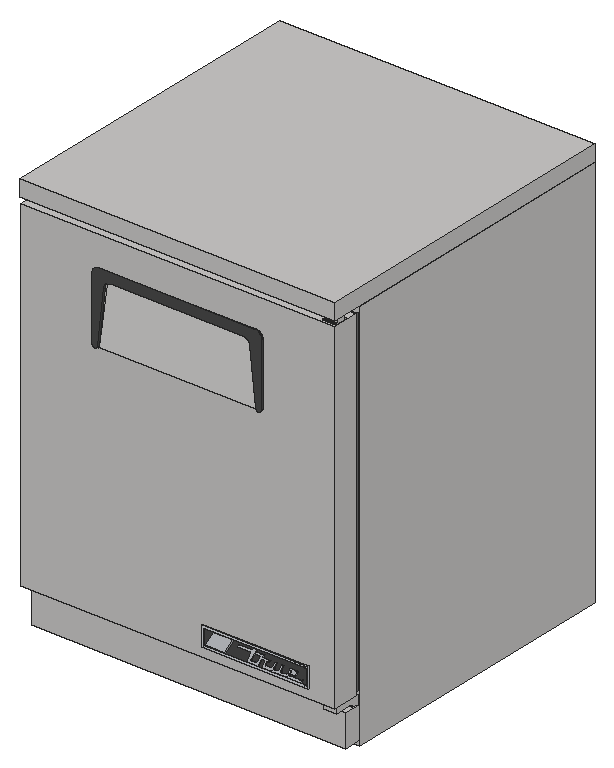
Revit family "QF_TRUE_TUC-24F-HC_cat", category Specialty Equipment, Revit 2016
Family settings
  Part Type = Normal
  Round Connector Dimension = Use Diameter
  Work Plane-Based = No
  Always vertical = Yes
  Cut with Voids When Loaded = No
  Shared = No
  Room Calculation Point = No
Parameters
  Weight in Pounds = 165
  Watts = Volts * FL Amps  # 230 W
  Volts = 115 V
  URL Cutsheet = "www.truemfg.com"
  URL = "www.truemfg.com"
  Type Mark [instance] = ""
  Status [instance] = ""
  Specification by User [instance] = ""
  Specification by Manufacturer = ""
  Show Logo [instance] = yes
  Show Clearance [instance] = yes
  Serial Number = ""
  Seismic Rating = ""
  SMACNA No = ""
  Revision Code [instance] = ""
  Phase = 1
  Omniclass Number and Title = ""
  Number of Poles [instance] = 1
  NAFEM Spec ID Number = ""
  Model = "TUC-24F-HC"
  Min Ckt Ampacity = 0 A
  Max Overcurrent Protection = 0 A
  Masterspec = ""
  Manufacturer = "TRUE"
  Length = 24"
  Item Number [instance] = ""
  Installed By [instance] = ""
  Identify Quantity as Lot [instance] = yes
  Height = 31 17/32"
  HP = "1/4"
  Furnished By [instance] = ""
  Foodservice Equipment Identifier [instance] = yes
  FL Amps = 2 A
  Electrical Remarks = ""
  Electric Connection Type [instance] = ""
  Elec Conn RI Height [instance] = 0"
  Elec Conn Connection Height [instance] = 0"
  Description = "SOLID DOOR FREEZER WITH HYDROCARBON REFRIGERANT"
  Depth = 25 11/16"
  Cycle = 60 Hz
  Conn Plug = "NEMA 5-15P"
  Conn Conduit = yes
  CSI MasterFormat = ""
  CSI Master Format = ""
  Base Height = 25 11/16"
  Apparent Power = if(Phase = 3, Volts * FL Amps * 1.73, Volts * FL Amps)  # 230 VA
Reference planes (in)
  plane 1 "BACK": y = 0
  plane 2: z = 0
  plane 3 "LEFT": x = 0
  plane 4 "RIGHT": x = 24
  plane 5 "FRONT": y = -27.375
  plane 6 "TOP": z = 32.621
  plane 7 "Center Y": x = 12
  plane 8 "Center X": y = -13.6875
  plane 9: y = -48.40625
  plane 10: y = -1
  plane 11: y = -25.6875
  plane 12: z = 0.28125
  plane 13: z = 31.53125
  plane 14: z = 27.63
  plane 15: z = 22.15093
Forms (in)
  Extrusion 1, solid, material "QF_Metal-Stainless-Polished Brushed"
    sketch origin (0, 0, 0) x (0, 1, 0) y (0, 0, 1)
      loop
        line (-1, 30.3125) -> (-1, 31.53125) -> (-25.6875, 31.53125) -> (-25.6875, 30.3125) -> (-1, 30.3125)
      loop
        line (-23.3125, 30.2185) -> (-23.3125, 0.28125) -> (-1, 0.28125) -> (-1, 30.2185) -> (-23.3125, 30.2185)
    from 0 to 24
  Extrusion 2, void
    sketch origin (0, 0, 0) x (1, 0, 0) y (0, 0, 1)
      loop
        line (22.6375, 29.35975) -> (1.3625, 29.35975) -> (1.3625, 5.14725) -> (22.6375, 5.14725) -> (22.6375, 29.35975)
    from 3 to 23.3125
  Extrusion 3, solid, material "QF_Metal-Stainless-Polished Brushed"
    sketch origin (0, 0, 0) x (0, 1, 0) y (0, 0, 1)
      loop
        line (-11.64993, 0.621) -> (-11.64993, 0.216) -> (-1.2329, 0.216) -> (-1.2329, 0.621) -> (-11.64993, 0.621)
    from 1.1125 to 22.8875
  Extrusion 4, solid, material "QF_Plastic-Black-Smooth"
    sketch origin (0.35937, 0, 0) x (0, 1, 0) y (0, 0, 1)
      loop
        line (-2.38861, 0.621) -> (-4.20219, 0.621)
        arc (-4.20219, 0.621) -> (-3.2954, -0.03266) -> (-2.38861, 0.621) r 0.9558
    from 1.67353 to 2.40616
  Extrusion 5, solid, material "QF_Plastic-Black-Smooth"
    sketch origin (23.64062, 0, -0.07109) x (0, 1, 0) y (0, 0, -1)
      loop
        arc (-2.36417, -0.69209) -> (-3.2954, 0.00001) -> (-4.22663, -0.69209) r 0.97254
        line (-4.22663, -0.69209) -> (-2.36417, -0.69209)
    from 1.67353 to 2.40616
  Revolve 6, solid, material "QF_Metal-Stainless-Polished Brushed"
    sketch origin (2.4375, -0.5625, 0) x (0, 1, 0) y (0, 0, 1)
      loop
        line (-21.68012, 0) -> (-21.68012, 0.591) -> (-22.13748, 0.591) -> (-22.13748, 0.5) -> (-21.91809, 0.5) -> (-21.91809, 0.3153) -> (-22.46202, 0.3153) -> (-22.46202, 0.0921)
        arc (-22.46202, 0.0921) -> (-22.43504, 0.02697) -> (-22.36992, 0) r 0.0921
        line (-22.36992, 0) -> (-21.68012, 0)
      axis (-21.68012, 0) -> (-21.68012, 0.591)
    angle from 0 to 360
  Revolve 7, solid, material "QF_Metal-Stainless-Polished Brushed"
    sketch origin (21.5625, -0.5625, 0) x (0, 1, 0) y (0, 0, -1)
      loop
        line (-21.68012, 0) -> (-22.36992, 0)
        arc (-22.36992, 0) -> (-22.43504, -0.02697) -> (-22.46202, -0.0921) r 0.0921
        line (-22.46202, -0.0921) -> (-22.46202, -0.3153) -> (-21.91809, -0.3153) -> (-21.91809, -0.5) -> (-22.13748, -0.5) -> (-22.13748, -0.591) -> (-21.68012, -0.591) -> (-21.68012, 0)
      axis (-21.68012, 0) -> (-21.68012, -0.591)
    angle from 0 to 360
  Extrusion 8, solid, material "QF_Door-Drawer Clearances", visible <- "Show Clearance", detail levels coarse
    sketch origin (0, 0, 0) x (1, 0, 0) y (0, 1, 0)
      loop
        arc (0.0585, -25.6875) -> (7.472, -41.79893) -> (23.9375, -48.38875) r 23.94162
        line (23.9375, -48.38875) -> (23.9375, -25.6875) -> (0.0585, -25.6875)
    from 3.84725 to 29.85125
  Extrusion 9, solid, material "QF_Metal-Stainless-Polished Brushed"
    sketch origin (0, -1, 0.55813) x (0, 0, 1) y (1, 0, 0)
      loop
        circle (1.77074, 21.01061) r 0.5
    from 0 to 0.0625
  Extrusion 10, solid, material "QF_Metal-Stainless-Polished Brushed"
    sketch origin (0, 0, 0) x (1, 0, 0) y (0, 0, 1)
      loop
        line (23.9375, 29.85125) -> (0.0625, 29.85125) -> (0.0625, 3.84725) -> (23.9375, 3.84725) -> (23.9375, 29.85125)
    from 23.6095 to 25.6875
  Extrusion 11, solid, material "QF_Metal-Stainless-Polished Brushed"
    sketch origin (0, 0, -0.8085) x (0, 1, 0) y (0, 0, 1)
      loop
        arc (-25.21875, 4.55025) -> (-25.26294, 4.53194) -> (-25.28125, 4.48775) r 0.0625
        line (-25.28125, 4.48775) -> (-25.28125, 4.11275) -> (-23.9375, 4.11275)
        arc (-23.9375, 4.11275) -> (-23.80492, 4.05783) -> (-23.75, 3.92525) r 0.1875
        line (-23.75, 3.92525) -> (-23.75, 3.87296) -> (-23.3125, 3.87296) -> (-23.3125, 4.55025) -> (-24.625, 4.55025) -> (-24.625, 4.70575) -> (-25.17667, 4.70575) -> (-25.17667, 4.55025) -> (-25.21875, 4.55025)
      loop
        line (-25.4385, 30.65975) -> (-24.45412, 30.65975) -> (-24.45412, 30.74128) -> (-24.62419, 30.74128) -> (-24.62419, 31.016) -> (-25.25377, 31.016) -> (-25.25377, 30.71912) -> (-25.4385, 30.71912) -> (-25.4385, 30.65975)
    from 22.82527 to 23.8216
  Extrusion 12, solid, material "QF_Metal-Stainless-Polished Brushed"
    sketch origin (0, -24.60753, 3.06446) x (0, 0, -1) y (1, 0, 0)
      loop
        line (-0.56244, 22.59908) -> (-0.56244, 0.05635) -> (2.38736, 0.05635) -> (2.38736, 23.94365) -> (0, 23.94365) -> (0, 22.59908) -> (-0.56244, 22.59908)
    from -1.37303 to 0
  Revolve 13, solid, material "QF_Plastic-Black-Smooth"
    sketch origin (0, 0, 20.5) x (1, 0, 0) y (0, 1, 0)
      loop
        line (18.60979, -1) -> (19.10979, -1) -> (19.10979, -0.45325)
        arc (19.10979, -0.45325) -> (19.03142, -0.1845) -> (18.82089, 0) r 0.5
        line (18.82089, 0) -> (18.60979, 0) -> (18.60979, -1)
      axis (18.60979, -1) -> (18.60979, 0)
    angle from 0 to 360
  Revolve 14, solid, material "QF_Plastic-Black-Smooth"
    sketch origin (-13.21959, 0, 20.5) x (1, 0, 0) y (0, 1, 0)
      loop
        line (18.60979, -1) -> (19.10979, -1) -> (19.10979, -0.45325)
        arc (19.10979, -0.45325) -> (19.03142, -0.1845) -> (18.82089, 0) r 0.5
        line (18.82089, 0) -> (18.60979, 0) -> (18.60979, -1)
      axis (18.60979, -1) -> (18.60979, 0)
    angle from 0 to 360
  Extrusion 15, solid, material "QF_Rubber - Black - Smooth"
    sketch origin (0, -23.3125, 31.027) x (0, 0, -1) y (1, 0, 0)
      loop
        line (1.30075, 23.8125) -> (1.30075, 0.1875) -> (27.05475, 0.1875) -> (27.05475, 23.8125) -> (1.30075, 23.8125)
      loop
        line (3.55075, 21.5625) -> (3.55075, 2.4375) -> (24.80475, 2.4375) -> (24.80475, 21.5625) -> (3.55075, 21.5625)
    from 0 to 0.297
  Extrusion 16, void
    sketch origin (12, 6.90541, 48) x (0, -1, 0) y (0, 0, 1)
      loop
        line (32.59291, -20.37) -> (31.52391, -20.37) -> (32.59291, -25.84907) -> (32.59291, -20.37)
    from -6 to 6
  Extrusion 17, solid, material "QF_Plastic - Black - Matte"
    sketch origin (0, -25.6875, 0) x (1, 0, 0) y (0, 0, 1)
      loop
        line (5.52833, 27.13) -> (5.52833, 22.36054)
        arc (5.52833, 22.36054) -> (5.74774, 22.11831) -> (6.01044, 22.31274) r 0.24342
        line (6.01044, 22.31274) -> (6.44945, 26.42717)
        arc (6.44945, 26.42717) -> (6.61215, 26.74648) -> (6.94671, 26.87491) r 0.5
        line (6.94671, 26.87491) -> (17.05329, 26.87491)
        arc (17.05329, 26.87491) -> (17.38785, 26.74648) -> (17.55055, 26.42717) r 0.5
        line (17.55055, 26.42717) -> (17.98956, 22.31274)
        arc (17.98956, 22.31274) -> (18.25226, 22.11831) -> (18.47166, 22.36054) r 0.24342
        line (18.47166, 22.36054) -> (18.47166, 27.13)
        arc (18.47166, 27.13) -> (18.32522, 27.48356) -> (17.97166, 27.63) r 0.5
        line (17.97166, 27.63) -> (6.02833, 27.63)
        arc (6.02833, 27.63) -> (5.67478, 27.48356) -> (5.52833, 27.13) r 0.5
    from 0 to 0.0625
Cuts and joins
  Extrusion 2 cuts Extrusion 1
  Extrusion 16 cuts Extrusion 8
  Extrusion 16 cuts Extrusion 10
Lines and regions (in)
  Split face 1
    outline origin (0, -24.60753, 3.06446) x (0, 0, -1) y (1, 0, 0)
      loop
        line (-0.36879, 2.37377) -> (-0.36879, 1.87377) -> (0.13121, 1.87377) -> (0.13121, 2.37377) -> (-0.36879, 2.37377)
  Split face 2
    outline origin (0, -24.60753, 2.37696) x (0, 0, -1) y (1, 0, 0)
      loop
        line (-0.36879, 2.37377) -> (-0.36879, 1.87377) -> (0.13121, 1.87377) -> (0.13121, 2.37377) -> (-0.36879, 2.37377)
  Split face 3
    outline origin (0, -24.60753, 1.68946) x (0, 0, -1) y (1, 0, 0)
      loop
        line (-0.36879, 2.37377) -> (-0.36879, 1.87377) -> (0.13121, 1.87377) -> (0.13121, 2.37377) -> (-0.36879, 2.37377)
  Split face 4
    outline origin (0, -24.60753, 1.00196) x (0, 0, -1) y (1, 0, 0)
      loop
        line (-0.36879, 2.37377) -> (-0.36879, 1.87377) -> (0.13121, 1.87377) -> (0.13121, 2.37377) -> (-0.36879, 2.37377)
  Split face 5
    outline origin (1.375, -24.60753, 3.06446) x (0, 0, -1) y (1, 0, 0)
      loop
        line (-0.36879, 2.37377) -> (-0.36879, 1.87377) -> (0.13121, 1.87377) -> (0.13121, 2.37377) -> (-0.36879, 2.37377)
  Split face 6
    outline origin (1.375, -24.60753, 2.37696) x (0, 0, -1) y (1, 0, 0)
      loop
        line (-0.36879, 2.37377) -> (-0.36879, 1.87377) -> (0.13121, 1.87377) -> (0.13121, 2.37377) -> (-0.36879, 2.37377)
  Split face 7
    outline origin (1.375, -24.60753, 1.68946) x (0, 0, -1) y (1, 0, 0)
      loop
        line (-0.36879, 2.37377) -> (-0.36879, 1.87377) -> (0.13121, 1.87377) -> (0.13121, 2.37377) -> (-0.36879, 2.37377)
  Split face 8
    outline origin (1.375, -24.60753, 1.00196) x (0, 0, -1) y (1, 0, 0)
      loop
        line (-0.36879, 2.37377) -> (-0.36879, 1.87377) -> (0.13121, 1.87377) -> (0.13121, 2.37377) -> (-0.36879, 2.37377)
  Split face 9
    outline origin (2.75, -24.60753, 3.06446) x (0, 0, -1) y (1, 0, 0)
      loop
        line (-0.36879, 2.37377) -> (-0.36879, 1.87377) -> (0.13121, 1.87377) -> (0.13121, 2.37377) -> (-0.36879, 2.37377)
  Split face 10
    outline origin (2.75, -24.60753, 2.37696) x (0, 0, -1) y (1, 0, 0)
      loop
        line (-0.36879, 2.37377) -> (-0.36879, 1.87377) -> (0.13121, 1.87377) -> (0.13121, 2.37377) -> (-0.36879, 2.37377)
  Split face 11
    outline origin (2.75, -24.60753, 1.68946) x (0, 0, -1) y (1, 0, 0)
      loop
        line (-0.36879, 2.37377) -> (-0.36879, 1.87377) -> (0.13121, 1.87377) -> (0.13121, 2.37377) -> (-0.36879, 2.37377)
  Split face 12
    outline origin (2.75, -24.60753, 1.00196) x (0, 0, -1) y (1, 0, 0)
      loop
        line (-0.36879, 2.37377) -> (-0.36879, 1.87377) -> (0.13121, 1.87377) -> (0.13121, 2.37377) -> (-0.36879, 2.37377)
  Split face 13
    outline origin (4.125, -24.60753, 3.06446) x (0, 0, -1) y (1, 0, 0)
      loop
        line (-0.36879, 2.37377) -> (-0.36879, 1.87377) -> (0.13121, 1.87377) -> (0.13121, 2.37377) -> (-0.36879, 2.37377)
  Split face 14
    outline origin (4.125, -24.60753, 2.37696) x (0, 0, -1) y (1, 0, 0)
      loop
        line (-0.36879, 2.37377) -> (-0.36879, 1.87377) -> (0.13121, 1.87377) -> (0.13121, 2.37377) -> (-0.36879, 2.37377)
  Split face 15
    outline origin (4.125, -24.60753, 1.68946) x (0, 0, -1) y (1, 0, 0)
      loop
        line (-0.36879, 2.37377) -> (-0.36879, 1.87377) -> (0.13121, 1.87377) -> (0.13121, 2.37377) -> (-0.36879, 2.37377)
  Split face 16
    outline origin (4.125, -24.60753, 1.00196) x (0, 0, -1) y (1, 0, 0)
      loop
        line (-0.36879, 2.37377) -> (-0.36879, 1.87377) -> (0.13121, 1.87377) -> (0.13121, 2.37377) -> (-0.36879, 2.37377)
  Split face 17
    outline origin (5.5, -24.60753, 3.06446) x (0, 0, -1) y (1, 0, 0)
      loop
        line (-0.36879, 2.37377) -> (-0.36879, 1.87377) -> (0.13121, 1.87377) -> (0.13121, 2.37377) -> (-0.36879, 2.37377)
  Split face 18
    outline origin (5.5, -24.60753, 2.37696) x (0, 0, -1) y (1, 0, 0)
      loop
        line (-0.36879, 2.37377) -> (-0.36879, 1.87377) -> (0.13121, 1.87377) -> (0.13121, 2.37377) -> (-0.36879, 2.37377)
  Split face 19
    outline origin (5.5, -24.60753, 1.68946) x (0, 0, -1) y (1, 0, 0)
      loop
        line (-0.36879, 2.37377) -> (-0.36879, 1.87377) -> (0.13121, 1.87377) -> (0.13121, 2.37377) -> (-0.36879, 2.37377)
  Split face 20
    outline origin (5.5, -24.60753, 1.00196) x (0, 0, -1) y (1, 0, 0)
      loop
        line (-0.36879, 2.37377) -> (-0.36879, 1.87377) -> (0.13121, 1.87377) -> (0.13121, 2.37377) -> (-0.36879, 2.37377)
  Split face 21
    outline origin (6.875, -24.60753, 3.06446) x (0, 0, -1) y (1, 0, 0)
      loop
        line (-0.36879, 2.37377) -> (-0.36879, 1.87377) -> (0.13121, 1.87377) -> (0.13121, 2.37377) -> (-0.36879, 2.37377)
  Split face 22
    outline origin (6.875, -24.60753, 2.37696) x (0, 0, -1) y (1, 0, 0)
      loop
        line (-0.36879, 2.37377) -> (-0.36879, 1.87377) -> (0.13121, 1.87377) -> (0.13121, 2.37377) -> (-0.36879, 2.37377)
  Split face 23
    outline origin (6.875, -24.60753, 1.68946) x (0, 0, -1) y (1, 0, 0)
      loop
        line (-0.36879, 2.37377) -> (-0.36879, 1.87377) -> (0.13121, 1.87377) -> (0.13121, 2.37377) -> (-0.36879, 2.37377)
  Split face 24
    outline origin (6.875, -24.60753, 1.00196) x (0, 0, -1) y (1, 0, 0)
      loop
        line (-0.36879, 2.37377) -> (-0.36879, 1.87377) -> (0.13121, 1.87377) -> (0.13121, 2.37377) -> (-0.36879, 2.37377)
  Split face 25
    outline origin (8.25, -24.60753, 3.06446) x (0, 0, -1) y (1, 0, 0)
      loop
        line (-0.36879, 2.37377) -> (-0.36879, 1.87377) -> (0.13121, 1.87377) -> (0.13121, 2.37377) -> (-0.36879, 2.37377)
  Split face 26
    outline origin (8.25, -24.60753, 2.37696) x (0, 0, -1) y (1, 0, 0)
      loop
        line (-0.36879, 2.37377) -> (-0.36879, 1.87377) -> (0.13121, 1.87377) -> (0.13121, 2.37377) -> (-0.36879, 2.37377)
  Split face 27
    outline origin (8.25, -24.60753, 1.68946) x (0, 0, -1) y (1, 0, 0)
      loop
        line (-0.36879, 2.37377) -> (-0.36879, 1.87377) -> (0.13121, 1.87377) -> (0.13121, 2.37377) -> (-0.36879, 2.37377)
  Split face 28
    outline origin (8.25, -24.60753, 1.00196) x (0, 0, -1) y (1, 0, 0)
      loop
        line (-0.36879, 2.37377) -> (-0.36879, 1.87377) -> (0.13121, 1.87377) -> (0.13121, 2.37377) -> (-0.36879, 2.37377)
  Split face 29
    outline origin (11.503, -24.60753, 3.06446) x (0, 0, -1) y (1, 0, 0)
      loop
        line (-0.36879, 2.37377) -> (-0.36879, 1.87377) -> (0.13121, 1.87377) -> (0.13121, 2.37377) -> (-0.36879, 2.37377)
  Split face 30
    outline origin (11.503, -24.60753, 2.37696) x (0, 0, -1) y (1, 0, 0)
      loop
        line (-0.36879, 2.37377) -> (-0.36879, 1.87377) -> (0.13121, 1.87377) -> (0.13121, 2.37377) -> (-0.36879, 2.37377)
  Split face 31
    outline origin (11.503, -24.60753, 1.68946) x (0, 0, -1) y (1, 0, 0)
      loop
        line (-0.36879, 2.37377) -> (-0.36879, 1.87377) -> (0.13121, 1.87377) -> (0.13121, 2.37377) -> (-0.36879, 2.37377)
  Split face 32
    outline origin (11.503, -24.60753, 1.00196) x (0, 0, -1) y (1, 0, 0)
      loop
        line (-0.36879, 2.37377) -> (-0.36879, 1.87377) -> (0.13121, 1.87377) -> (0.13121, 2.37377) -> (-0.36879, 2.37377)
  Split face 33
    outline origin (12.878, -24.60753, 3.06446) x (0, 0, -1) y (1, 0, 0)
      loop
        line (-0.36879, 2.37377) -> (-0.36879, 1.87377) -> (0.13121, 1.87377) -> (0.13121, 2.37377) -> (-0.36879, 2.37377)
  Split face 34
    outline origin (12.878, -24.60753, 2.37696) x (0, 0, -1) y (1, 0, 0)
      loop
        line (-0.36879, 2.37377) -> (-0.36879, 1.87377) -> (0.13121, 1.87377) -> (0.13121, 2.37377) -> (-0.36879, 2.37377)
  Split face 35
    outline origin (12.878, -24.60753, 1.68946) x (0, 0, -1) y (1, 0, 0)
      loop
        line (-0.36879, 2.37377) -> (-0.36879, 1.87377) -> (0.13121, 1.87377) -> (0.13121, 2.37377) -> (-0.36879, 2.37377)
  Split face 36
    outline origin (12.878, -24.60753, 1.00196) x (0, 0, -1) y (1, 0, 0)
      loop
        line (-0.36879, 2.37377) -> (-0.36879, 1.87377) -> (0.13121, 1.87377) -> (0.13121, 2.37377) -> (-0.36879, 2.37377)
  Split face 37
    outline origin (14.253, -24.60753, 3.06446) x (0, 0, -1) y (1, 0, 0)
      loop
        line (-0.36879, 2.37377) -> (-0.36879, 1.87377) -> (0.13121, 1.87377) -> (0.13121, 2.37377) -> (-0.36879, 2.37377)
  Split face 38
    outline origin (14.253, -24.60753, 2.37696) x (0, 0, -1) y (1, 0, 0)
      loop
        line (-0.36879, 2.37377) -> (-0.36879, 1.87377) -> (0.13121, 1.87377) -> (0.13121, 2.37377) -> (-0.36879, 2.37377)
  Split face 39
    outline origin (14.253, -24.60753, 1.68946) x (0, 0, -1) y (1, 0, 0)
      loop
        line (-0.36879, 2.37377) -> (-0.36879, 1.87377) -> (0.13121, 1.87377) -> (0.13121, 2.37377) -> (-0.36879, 2.37377)
  Split face 40
    outline origin (14.253, -24.60753, 1.00196) x (0, 0, -1) y (1, 0, 0)
      loop
        line (-0.36879, 2.37377) -> (-0.36879, 1.87377) -> (0.13121, 1.87377) -> (0.13121, 2.37377) -> (-0.36879, 2.37377)
  Split face 41
    outline origin (15.628, -24.60753, 3.06446) x (0, 0, -1) y (1, 0, 0)
      loop
        line (-0.36879, 2.37377) -> (-0.36879, 1.87377) -> (0.13121, 1.87377) -> (0.13121, 2.37377) -> (-0.36879, 2.37377)
  Split face 42
    outline origin (15.628, -24.60753, 2.37696) x (0, 0, -1) y (1, 0, 0)
      loop
        line (-0.36879, 2.37377) -> (-0.36879, 1.87377) -> (0.13121, 1.87377) -> (0.13121, 2.37377) -> (-0.36879, 2.37377)
  Split face 43
    outline origin (15.628, -24.60753, 1.68946) x (0, 0, -1) y (1, 0, 0)
      loop
        line (-0.36879, 2.37377) -> (-0.36879, 1.87377) -> (0.13121, 1.87377) -> (0.13121, 2.37377) -> (-0.36879, 2.37377)
  Split face 44
    outline origin (15.628, -24.60753, 1.00196) x (0, 0, -1) y (1, 0, 0)
      loop
        line (-0.36879, 2.37377) -> (-0.36879, 1.87377) -> (0.13121, 1.87377) -> (0.13121, 2.37377) -> (-0.36879, 2.37377)
  Split face 45
    outline origin (17.003, -24.60753, 3.06446) x (0, 0, -1) y (1, 0, 0)
      loop
        line (-0.36879, 2.37377) -> (-0.36879, 1.87377) -> (0.13121, 1.87377) -> (0.13121, 2.37377) -> (-0.36879, 2.37377)
  Split face 46
    outline origin (17.003, -24.60753, 2.37696) x (0, 0, -1) y (1, 0, 0)
      loop
        line (-0.36879, 2.37377) -> (-0.36879, 1.87377) -> (0.13121, 1.87377) -> (0.13121, 2.37377) -> (-0.36879, 2.37377)
  Split face 47
    outline origin (17.003, -24.60753, 1.68946) x (0, 0, -1) y (1, 0, 0)
      loop
        line (-0.36879, 2.37377) -> (-0.36879, 1.87377) -> (0.13121, 1.87377) -> (0.13121, 2.37377) -> (-0.36879, 2.37377)
  Split face 48
    outline origin (17.003, -24.60753, 1.00196) x (0, 0, -1) y (1, 0, 0)
      loop
        line (-0.36879, 2.37377) -> (-0.36879, 1.87377) -> (0.13121, 1.87377) -> (0.13121, 2.37377) -> (-0.36879, 2.37377)
  Split face 49
    outline origin (18.378, -24.60753, 3.06446) x (0, 0, -1) y (1, 0, 0)
      loop
        line (-0.36879, 2.37377) -> (-0.36879, 1.87377) -> (0.13121, 1.87377) -> (0.13121, 2.37377) -> (-0.36879, 2.37377)
  Split face 50
    outline origin (18.378, -24.60753, 2.37696) x (0, 0, -1) y (1, 0, 0)
      loop
        line (-0.36879, 2.37377) -> (-0.36879, 1.87377) -> (0.13121, 1.87377) -> (0.13121, 2.37377) -> (-0.36879, 2.37377)
  Split face 51
    outline origin (18.378, -24.60753, 1.68946) x (0, 0, -1) y (1, 0, 0)
      loop
        line (-0.36879, 2.37377) -> (-0.36879, 1.87377) -> (0.13121, 1.87377) -> (0.13121, 2.37377) -> (-0.36879, 2.37377)
  Split face 52
    outline origin (18.378, -24.60753, 1.00196) x (0, 0, -1) y (1, 0, 0)
      loop
        line (-0.36879, 2.37377) -> (-0.36879, 1.87377) -> (0.13121, 1.87377) -> (0.13121, 2.37377) -> (-0.36879, 2.37377)
  Split face 53
    outline origin (19.753, -24.60753, 3.06446) x (0, 0, -1) y (1, 0, 0)
      loop
        line (-0.36879, 2.37377) -> (-0.36879, 1.87377) -> (0.13121, 1.87377) -> (0.13121, 2.37377) -> (-0.36879, 2.37377)
  Split face 54
    outline origin (19.753, -24.60753, 2.37696) x (0, 0, -1) y (1, 0, 0)
      loop
        line (-0.36879, 2.37377) -> (-0.36879, 1.87377) -> (0.13121, 1.87377) -> (0.13121, 2.37377) -> (-0.36879, 2.37377)
  Split face 55
    outline origin (19.753, -24.60753, 1.68946) x (0, 0, -1) y (1, 0, 0)
      loop
        line (-0.36879, 2.37377) -> (-0.36879, 1.87377) -> (0.13121, 1.87377) -> (0.13121, 2.37377) -> (-0.36879, 2.37377)
  Split face 56
    outline origin (19.753, -24.60753, 1.00196) x (0, 0, -1) y (1, 0, 0)
      loop
        line (-0.36879, 2.37377) -> (-0.36879, 1.87377) -> (0.13121, 1.87377) -> (0.13121, 2.37377) -> (-0.36879, 2.37377)
  Split face 57
    outline origin (0.6875, -24.60753, 3.06446) x (0, 0, -1) y (1, 0, 0)
      loop
        line (-0.36879, 2.37377) -> (-0.36879, 1.87377) -> (0.13121, 1.87377) -> (0.13121, 2.37377) -> (-0.36879, 2.37377)
  Split face 58
    outline origin (0.6875, -24.60753, 2.37696) x (0, 0, -1) y (1, 0, 0)
      loop
        line (-0.36879, 2.37377) -> (-0.36879, 1.87377) -> (0.13121, 1.87377) -> (0.13121, 2.37377) -> (-0.36879, 2.37377)
  Split face 59
    outline origin (0.6875, -24.60753, 1.68946) x (0, 0, -1) y (1, 0, 0)
      loop
        line (-0.36879, 2.37377) -> (-0.36879, 1.87377) -> (0.13121, 1.87377) -> (0.13121, 2.37377) -> (-0.36879, 2.37377)
  Split face 60
    outline origin (0.6875, -24.60753, 1.00196) x (0, 0, -1) y (1, 0, 0)
      loop
        line (-0.36879, 2.37377) -> (-0.36879, 1.87377) -> (0.13121, 1.87377) -> (0.13121, 2.37377) -> (-0.36879, 2.37377)
  Split face 61
    outline origin (2.0625, -24.60753, 3.06446) x (0, 0, -1) y (1, 0, 0)
      loop
        line (-0.36879, 2.37377) -> (-0.36879, 1.87377) -> (0.13121, 1.87377) -> (0.13121, 2.37377) -> (-0.36879, 2.37377)
  Split face 62
    outline origin (2.0625, -24.60753, 2.37696) x (0, 0, -1) y (1, 0, 0)
      loop
        line (-0.36879, 2.37377) -> (-0.36879, 1.87377) -> (0.13121, 1.87377) -> (0.13121, 2.37377) -> (-0.36879, 2.37377)
  Split face 63
    outline origin (2.0625, -24.60753, 1.68946) x (0, 0, -1) y (1, 0, 0)
      loop
        line (-0.36879, 2.37377) -> (-0.36879, 1.87377) -> (0.13121, 1.87377) -> (0.13121, 2.37377) -> (-0.36879, 2.37377)
  Split face 64
    outline origin (2.0625, -24.60753, 1.00196) x (0, 0, -1) y (1, 0, 0)
      loop
        line (-0.36879, 2.37377) -> (-0.36879, 1.87377) -> (0.13121, 1.87377) -> (0.13121, 2.37377) -> (-0.36879, 2.37377)
  Split face 65
    outline origin (3.4375, -24.60753, 3.06446) x (0, 0, -1) y (1, 0, 0)
      loop
        line (-0.36879, 2.37377) -> (-0.36879, 1.87377) -> (0.13121, 1.87377) -> (0.13121, 2.37377) -> (-0.36879, 2.37377)
  Split face 66
    outline origin (3.4375, -24.60753, 2.37696) x (0, 0, -1) y (1, 0, 0)
      loop
        line (-0.36879, 2.37377) -> (-0.36879, 1.87377) -> (0.13121, 1.87377) -> (0.13121, 2.37377) -> (-0.36879, 2.37377)
  Split face 67
    outline origin (3.4375, -24.60753, 1.68946) x (0, 0, -1) y (1, 0, 0)
      loop
        line (-0.36879, 2.37377) -> (-0.36879, 1.87377) -> (0.13121, 1.87377) -> (0.13121, 2.37377) -> (-0.36879, 2.37377)
  Split face 68
    outline origin (3.4375, -24.60753, 1.00196) x (0, 0, -1) y (1, 0, 0)
      loop
        line (-0.36879, 2.37377) -> (-0.36879, 1.87377) -> (0.13121, 1.87377) -> (0.13121, 2.37377) -> (-0.36879, 2.37377)
  Split face 69
    outline origin (4.8125, -24.60753, 3.06446) x (0, 0, -1) y (1, 0, 0)
      loop
        line (-0.36879, 2.37377) -> (-0.36879, 1.87377) -> (0.13121, 1.87377) -> (0.13121, 2.37377) -> (-0.36879, 2.37377)
  Split face 70
    outline origin (4.8125, -24.60753, 2.37696) x (0, 0, -1) y (1, 0, 0)
      loop
        line (-0.36879, 2.37377) -> (-0.36879, 1.87377) -> (0.13121, 1.87377) -> (0.13121, 2.37377) -> (-0.36879, 2.37377)
  Split face 71
    outline origin (4.8125, -24.60753, 1.68946) x (0, 0, -1) y (1, 0, 0)
      loop
        line (-0.36879, 2.37377) -> (-0.36879, 1.87377) -> (0.13121, 1.87377) -> (0.13121, 2.37377) -> (-0.36879, 2.37377)
  Split face 72
    outline origin (4.8125, -24.60753, 1.00196) x (0, 0, -1) y (1, 0, 0)
      loop
        line (-0.36879, 2.37377) -> (-0.36879, 1.87377) -> (0.13121, 1.87377) -> (0.13121, 2.37377) -> (-0.36879, 2.37377)
  Split face 73
    outline origin (6.1875, -24.60753, 3.06446) x (0, 0, -1) y (1, 0, 0)
      loop
        line (-0.36879, 2.37377) -> (-0.36879, 1.87377) -> (0.13121, 1.87377) -> (0.13121, 2.37377) -> (-0.36879, 2.37377)
  Split face 74
    outline origin (6.1875, -24.60753, 2.37696) x (0, 0, -1) y (1, 0, 0)
      loop
        line (-0.36879, 2.37377) -> (-0.36879, 1.87377) -> (0.13121, 1.87377) -> (0.13121, 2.37377) -> (-0.36879, 2.37377)
  Split face 75
    outline origin (6.1875, -24.60753, 1.68946) x (0, 0, -1) y (1, 0, 0)
      loop
        line (-0.36879, 2.37377) -> (-0.36879, 1.87377) -> (0.13121, 1.87377) -> (0.13121, 2.37377) -> (-0.36879, 2.37377)
  Split face 76
    outline origin (6.1875, -24.60753, 1.00196) x (0, 0, -1) y (1, 0, 0)
      loop
        line (-0.36879, 2.37377) -> (-0.36879, 1.87377) -> (0.13121, 1.87377) -> (0.13121, 2.37377) -> (-0.36879, 2.37377)
  Split face 77
    outline origin (7.5625, -24.60753, 3.06446) x (0, 0, -1) y (1, 0, 0)
      loop
        line (-0.36879, 2.37377) -> (-0.36879, 1.87377) -> (0.13121, 1.87377) -> (0.13121, 2.37377) -> (-0.36879, 2.37377)
  Split face 78
    outline origin (7.5625, -24.60753, 2.37696) x (0, 0, -1) y (1, 0, 0)
      loop
        line (-0.36879, 2.37377) -> (-0.36879, 1.87377) -> (0.13121, 1.87377) -> (0.13121, 2.37377) -> (-0.36879, 2.37377)
  Split face 79
    outline origin (7.5625, -24.60753, 1.68946) x (0, 0, -1) y (1, 0, 0)
      loop
        line (-0.36879, 2.37377) -> (-0.36879, 1.87377) -> (0.13121, 1.87377) -> (0.13121, 2.37377) -> (-0.36879, 2.37377)
  Split face 80
    outline origin (7.5625, -24.60753, 1.00196) x (0, 0, -1) y (1, 0, 0)
      loop
        line (-0.36879, 2.37377) -> (-0.36879, 1.87377) -> (0.13121, 1.87377) -> (0.13121, 2.37377) -> (-0.36879, 2.37377)
  Split face 81
    outline origin (8.9375, -24.60753, 3.06446) x (0, 0, -1) y (1, 0, 0)
      loop
        line (-0.36879, 2.37377) -> (-0.36879, 1.87377) -> (0.13121, 1.87377) -> (0.13121, 2.37377) -> (-0.36879, 2.37377)
  Split face 82
    outline origin (8.9375, -24.60753, 2.37696) x (0, 0, -1) y (1, 0, 0)
      loop
        line (-0.36879, 2.37377) -> (-0.36879, 1.87377) -> (0.13121, 1.87377) -> (0.13121, 2.37377) -> (-0.36879, 2.37377)
  Split face 83
    outline origin (8.9375, -24.60753, 1.68946) x (0, 0, -1) y (1, 0, 0)
      loop
        line (-0.36879, 2.37377) -> (-0.36879, 1.87377) -> (0.13121, 1.87377) -> (0.13121, 2.37377) -> (-0.36879, 2.37377)
  Split face 84
    outline origin (8.9375, -24.60753, 1.00196) x (0, 0, -1) y (1, 0, 0)
      loop
        line (-0.36879, 2.37377) -> (-0.36879, 1.87377) -> (0.13121, 1.87377) -> (0.13121, 2.37377) -> (-0.36879, 2.37377)
  Split face 85
    outline origin (10.8155, -24.60753, 3.06446) x (0, 0, -1) y (1, 0, 0)
      loop
        line (-0.36879, 2.37377) -> (-0.36879, 1.87377) -> (0.13121, 1.87377) -> (0.13121, 2.37377) -> (-0.36879, 2.37377)
  Split face 86
    outline origin (10.8155, -24.60753, 2.37696) x (0, 0, -1) y (1, 0, 0)
      loop
        line (-0.36879, 2.37377) -> (-0.36879, 1.87377) -> (0.13121, 1.87377) -> (0.13121, 2.37377) -> (-0.36879, 2.37377)
  Split face 87
    outline origin (10.8155, -24.60753, 1.68946) x (0, 0, -1) y (1, 0, 0)
      loop
        line (-0.36879, 2.37377) -> (-0.36879, 1.87377) -> (0.13121, 1.87377) -> (0.13121, 2.37377) -> (-0.36879, 2.37377)
  Split face 88
    outline origin (10.8155, -24.60753, 1.00196) x (0, 0, -1) y (1, 0, 0)
      loop
        line (-0.36879, 2.37377) -> (-0.36879, 1.87377) -> (0.13121, 1.87377) -> (0.13121, 2.37377) -> (-0.36879, 2.37377)
  Split face 89
    outline origin (12.1905, -24.60753, 3.06446) x (0, 0, -1) y (1, 0, 0)
      loop
        line (-0.36879, 2.37377) -> (-0.36879, 1.87377) -> (0.13121, 1.87377) -> (0.13121, 2.37377) -> (-0.36879, 2.37377)
  Split face 90
    outline origin (12.1905, -24.60753, 2.37696) x (0, 0, -1) y (1, 0, 0)
      loop
        line (-0.36879, 2.37377) -> (-0.36879, 1.87377) -> (0.13121, 1.87377) -> (0.13121, 2.37377) -> (-0.36879, 2.37377)
  Split face 91
    outline origin (12.1905, -24.60753, 1.68946) x (0, 0, -1) y (1, 0, 0)
      loop
        line (-0.36879, 2.37377) -> (-0.36879, 1.87377) -> (0.13121, 1.87377) -> (0.13121, 2.37377) -> (-0.36879, 2.37377)
  Split face 92
    outline origin (12.1905, -24.60753, 1.00196) x (0, 0, -1) y (1, 0, 0)
      loop
        line (-0.36879, 2.37377) -> (-0.36879, 1.87377) -> (0.13121, 1.87377) -> (0.13121, 2.37377) -> (-0.36879, 2.37377)
  Split face 93
    outline origin (13.5655, -24.60753, 3.06446) x (0, 0, -1) y (1, 0, 0)
      loop
        line (-0.36879, 2.37377) -> (-0.36879, 1.87377) -> (0.13121, 1.87377) -> (0.13121, 2.37377) -> (-0.36879, 2.37377)
  Split face 94
    outline origin (13.5655, -24.60753, 2.37696) x (0, 0, -1) y (1, 0, 0)
      loop
        line (-0.36879, 2.37377) -> (-0.36879, 1.87377) -> (0.13121, 1.87377) -> (0.13121, 2.37377) -> (-0.36879, 2.37377)
  Split face 95
    outline origin (13.5655, -24.60753, 1.68946) x (0, 0, -1) y (1, 0, 0)
      loop
        line (-0.36879, 2.37377) -> (-0.36879, 1.87377) -> (0.13121, 1.87377) -> (0.13121, 2.37377) -> (-0.36879, 2.37377)
  Split face 96
    outline origin (13.5655, -24.60753, 1.00196) x (0, 0, -1) y (1, 0, 0)
      loop
        line (-0.36879, 2.37377) -> (-0.36879, 1.87377) -> (0.13121, 1.87377) -> (0.13121, 2.37377) -> (-0.36879, 2.37377)
  Split face 97
    outline origin (14.9405, -24.60753, 3.06446) x (0, 0, -1) y (1, 0, 0)
      loop
        line (-0.36879, 2.37377) -> (-0.36879, 1.87377) -> (0.13121, 1.87377) -> (0.13121, 2.37377) -> (-0.36879, 2.37377)
  Split face 98
    outline origin (14.9405, -24.60753, 2.37696) x (0, 0, -1) y (1, 0, 0)
      loop
        line (-0.36879, 2.37377) -> (-0.36879, 1.87377) -> (0.13121, 1.87377) -> (0.13121, 2.37377) -> (-0.36879, 2.37377)
  Split face 99
    outline origin (14.9405, -24.60753, 1.68946) x (0, 0, -1) y (1, 0, 0)
      loop
        line (-0.36879, 2.37377) -> (-0.36879, 1.87377) -> (0.13121, 1.87377) -> (0.13121, 2.37377) -> (-0.36879, 2.37377)
  Split face 100
    outline origin (14.9405, -24.60753, 1.00196) x (0, 0, -1) y (1, 0, 0)
      loop
        line (-0.36879, 2.37377) -> (-0.36879, 1.87377) -> (0.13121, 1.87377) -> (0.13121, 2.37377) -> (-0.36879, 2.37377)
  Split face 101
    outline origin (16.3155, -24.60753, 3.06446) x (0, 0, -1) y (1, 0, 0)
      loop
        line (-0.36879, 2.37377) -> (-0.36879, 1.87377) -> (0.13121, 1.87377) -> (0.13121, 2.37377) -> (-0.36879, 2.37377)
  Split face 102
    outline origin (16.3155, -24.60753, 2.37696) x (0, 0, -1) y (1, 0, 0)
      loop
        line (-0.36879, 2.37377) -> (-0.36879, 1.87377) -> (0.13121, 1.87377) -> (0.13121, 2.37377) -> (-0.36879, 2.37377)
  Split face 103
    outline origin (16.3155, -24.60753, 1.68946) x (0, 0, -1) y (1, 0, 0)
      loop
        line (-0.36879, 2.37377) -> (-0.36879, 1.87377) -> (0.13121, 1.87377) -> (0.13121, 2.37377) -> (-0.36879, 2.37377)
  Split face 104
    outline origin (16.3155, -24.60753, 1.00196) x (0, 0, -1) y (1, 0, 0)
      loop
        line (-0.36879, 2.37377) -> (-0.36879, 1.87377) -> (0.13121, 1.87377) -> (0.13121, 2.37377) -> (-0.36879, 2.37377)
  Split face 105
    outline origin (17.6905, -24.60753, 3.06446) x (0, 0, -1) y (1, 0, 0)
      loop
        line (-0.36879, 2.37377) -> (-0.36879, 1.87377) -> (0.13121, 1.87377) -> (0.13121, 2.37377) -> (-0.36879, 2.37377)
  Split face 106
    outline origin (17.6905, -24.60753, 2.37696) x (0, 0, -1) y (1, 0, 0)
      loop
        line (-0.36879, 2.37377) -> (-0.36879, 1.87377) -> (0.13121, 1.87377) -> (0.13121, 2.37377) -> (-0.36879, 2.37377)
  Split face 107
    outline origin (17.6905, -24.60753, 1.68946) x (0, 0, -1) y (1, 0, 0)
      loop
        line (-0.36879, 2.37377) -> (-0.36879, 1.87377) -> (0.13121, 1.87377) -> (0.13121, 2.37377) -> (-0.36879, 2.37377)
  Split face 108
    outline origin (17.6905, -24.60753, 1.00196) x (0, 0, -1) y (1, 0, 0)
      loop
        line (-0.36879, 2.37377) -> (-0.36879, 1.87377) -> (0.13121, 1.87377) -> (0.13121, 2.37377) -> (-0.36879, 2.37377)
  Split face 109
    outline origin (19.0655, -24.60753, 3.06446) x (0, 0, -1) y (1, 0, 0)
      loop
        line (-0.36879, 2.37377) -> (-0.36879, 1.87377) -> (0.13121, 1.87377) -> (0.13121, 2.37377) -> (-0.36879, 2.37377)
  Split face 110
    outline origin (19.0655, -24.60753, 2.37696) x (0, 0, -1) y (1, 0, 0)
      loop
        line (-0.36879, 2.37377) -> (-0.36879, 1.87377) -> (0.13121, 1.87377) -> (0.13121, 2.37377) -> (-0.36879, 2.37377)
  Split face 111
    outline origin (19.0655, -24.60753, 1.68946) x (0, 0, -1) y (1, 0, 0)
      loop
        line (-0.36879, 2.37377) -> (-0.36879, 1.87377) -> (0.13121, 1.87377) -> (0.13121, 2.37377) -> (-0.36879, 2.37377)
  Split face 112
    outline origin (19.0655, -24.60753, 1.00196) x (0, 0, -1) y (1, 0, 0)
      loop
        line (-0.36879, 2.37377) -> (-0.36879, 1.87377) -> (0.13121, 1.87377) -> (0.13121, 2.37377) -> (-0.36879, 2.37377)
  symbolic lines, style "SpecialityEquipment"
    curve 1: line (0, -1, 0) -> (24, -1, 0)
    curve 2: line (0, -25.6875, 0) -> (0, -1, 0)
    curve 3: line (24, -25.6875, 0) -> (0, -25.6875, 0)
    curve 4: line (24, -1, 0) -> (24, -25.6875, 0)
    curve 5: line (5.8902, -1, 0) -> (5.8902, -0.45315, 0)
    curve 6: arc (5.8902, -0.45315, 0) -> (5.81178, -0.18445, 0) -> (5.60122, 0, 0) r 0.49998
    curve 7: line (5.60122, 0, 0) -> (5.17922, 0, 0)
    curve 8: arc (5.17922, 0, 0) -> (4.96859, -0.18452, 0) -> (4.89018, -0.45335, 0) r 0.50005
    curve 9: line (4.89018, -0.45335, 0) -> (4.89018, -1, 0)
    curve 10: line (5.89021, -0.45325, 0) -> (4.89021, -0.45325, 0)
    curve 11: line (19.10979, -1, 0) -> (19.10979, -0.45325, 0)
    curve 12: arc (19.10979, -0.45325, 0) -> (19.03142, -0.1845, 0) -> (18.82089, 0, 0) r 0.5
    curve 13: line (18.82089, 0, 0) -> (18.39868, 0, 0)
    curve 14: arc (18.39868, 0, 0) -> (18.18815, -0.1845, 0) -> (18.10979, -0.45325, 0) r 0.5
    curve 15: line (18.10979, -0.45325, 0) -> (18.10979, -1, 0)
    curve 16: line (19.10979, -0.45325, 0) -> (18.10979, -0.45325, 0)
    curve 19: line (0.63048, -27.375, 0) -> (0.63048, -25.6875, 0)
    curve 20: line (0.63048, -27.375, 0) -> (1.875, -27.375, 0)
    curve 21: line (1.875, -27.375, 0) -> (1.875, -25.6875, 0)
  symbolic lines, style "QF_Door-Drawer Clearances"
    curve 17: line (4.17575, -37.68452, 0) -> (24.04099, -25.6875, 0)
    curve 18: arc (0.0585, -25.6875, 0) -> (1.30856, -31.9635, 0) -> (4.17575, -37.68452, 0) r 23.95201
Dimensions and locks (in)
  equal spacing: plane 3 "LEFT", plane 7 "Center Y", plane 4 "RIGHT"
  "Length": plane 3 "LEFT" to plane 4 "RIGHT"
  equal spacing: plane 5 "FRONT", plane 8 "Center X", plane 1 "BACK"
  plane 5 "FRONT" to plane 1 "BACK" = 27 3/8"
  plane 3 "LEFT" to plane 4 "RIGHT" = 24"
  "Height": plane 13 to level
  cut or joined group of Extrusion 1, Extrusion 2 to plane 1 "BACK" = 1"
  plane 1 "BACK" to plane 10 to plane 5 "FRONT" = 1", 26 3/8"
  "Depth": plane 1 "BACK" to plane 11
  plane 11 to plane 10 = 24 11/16"
  plane 11 to plane 1 "BACK" = 25 11/16"
  plane 9 to plane 1 "BACK" = 48 13/32"
  plane 13 to plane 12 to plane 2 = 31 1/4", 9/32"
  plane 13 to plane 12 to level = 31 1/4", 9/32"
  aligned and locked: level to plane 2
Automatic sketch dimensions
  Extrusion 1 sketch curve to plane 10 = 0"  (x2)
  Extrusion 1 sketch curve to plane 6 "TOP" = 2.4025"
  plane 3 "LEFT" to Extrusion 2 sketch curve = 1.3625"
  plane 4 "RIGHT" to Extrusion 2 sketch curve = 1.3625"
  level to Extrusion 2 sketch curve = 5.14725"
  Extrusion 2 sketch curve to plane 6 "TOP" = 3.26125"
  level to Extrusion 3 sketch curve = 0.216"
  plane 8 "Center X" to Extrusion 3 sketch curve = 2.03757"
  Extrusion 3 sketch curve to plane 10 = 0.2329"
  Extrusion 3 sketch curve to Extrusion 3 sketch curve = 0.405"
  level to Extrusion 4 sketch curve = 0.621"
  Extrusion 4 sketch curve to plane 10 = 3.20219"
  Extrusion 4 sketch curve to Extrusion 4 sketch curve = 0.90679"
  level to Extrusion 4 sketch curve = 0.92314"
  level to Extrusion 5 sketch curve = 0.621"
  Extrusion 5 sketch curve to plane 10 = 3.22663"
  Extrusion 5 sketch curve to Extrusion 5 sketch curve = 0.93123"
  level to Extrusion 5 sketch curve = 0.90145"
  Revolve 6 sketch curve to level = 0"
  level to Revolve 6 sketch curve = 0.3153"
  Revolve 6 sketch curve to Revolve 6 sketch curve = 0.0921"
  Revolve 6 sketch curve to Revolve 6 sketch curve = 0.32454"
  Revolve 6 sketch curve to Revolve 6 sketch curve = 0.2194"
  Revolve 6 sketch curve to Revolve 6 sketch curve = 0.23797"
  Revolve 6 sketch curve to Revolve 6 sketch curve = 0.1847"
  Revolve 6 sketch curve to Revolve 6 sketch curve = 0.091"
  Revolve 6 sketch curve to Revolve 6 sketch curve = 0"  (x2)
  Revolve 6 sketch curve to Revolve 6 sketch curve = 0.17168"
  Revolve 7 sketch curve to level = 0"
  level to Revolve 7 sketch curve = 0.3153"
  Revolve 7 sketch curve to Revolve 7 sketch curve = 0.0921"
  Revolve 7 sketch curve to Revolve 7 sketch curve = 0.32454"
  Revolve 7 sketch curve to Revolve 7 sketch curve = 0.2194"
  Revolve 7 sketch curve to Revolve 7 sketch curve = 0.23797"
  Revolve 7 sketch curve to Revolve 7 sketch curve = 0.1847"
  Revolve 7 sketch curve to Revolve 7 sketch curve = 0.091"
  Revolve 7 sketch curve to Revolve 7 sketch curve = 0"  (x2)
  Revolve 7 sketch curve to Revolve 7 sketch curve = 0.17168"
  plane 3 "LEFT" to Extrusion 8 sketch curve = 0.0585"
  plane 4 "RIGHT" to Extrusion 8 sketch curve = 1/16"
  plane 4 "RIGHT" to Extrusion 8 sketch curve = 0.03203"
  Extrusion 8 sketch curve to plane 9 = 0.0175"
  Extrusion 1 to Extrusion 9 sketch curve = 2.98939"
  plane 3 "LEFT" to Extrusion 10 sketch curve = 1/16"
  plane 4 "RIGHT" to Extrusion 10 sketch curve = 1/16"
  level to Extrusion 10 sketch curve = 3.84725"
  Extrusion 10 sketch curve to plane 6 "TOP" = 2.76975"
  Extrusion 11 sketch curve to Extrusion 11 sketch curve = 0.18473"
  Extrusion 11 sketch curve to Extrusion 11 sketch curve = 1/16"
  Extrusion 11 sketch curve to Extrusion 11 sketch curve = 0.04208"
  Extrusion 11 sketch curve to Extrusion 11 sketch curve = 0.55167"
  Extrusion 11 sketch curve to Extrusion 11 sketch curve = 0.62959"
  Extrusion 11 sketch curve to Extrusion 11 sketch curve = 0.17006"
  Extrusion 11 sketch curve to Extrusion 11 sketch curve = 11/16"
  Extrusion 11 sketch curve to Extrusion 11 sketch curve = 3/16"
  Extrusion 11 sketch curve to Extrusion 11 sketch curve = 5/8"
  level to Extrusion 11 sketch curve = 3.06446"
  Extrusion 11 sketch curve to Extrusion 11 sketch curve = 0.05229"
  Extrusion 11 sketch curve to Extrusion 11 sketch curve = 3/8"
  Extrusion 11 sketch curve to Extrusion 11 sketch curve = 0.67729"
  Extrusion 11 sketch curve to Extrusion 11 sketch curve = 0.1555"
  Extrusion 11 sketch curve to plane 6 "TOP" = 2.76975"
  Extrusion 11 sketch curve to Extrusion 11 sketch curve = 0.05937"
  Extrusion 11 sketch curve to Extrusion 11 sketch curve = 0.08153"
  Extrusion 11 sketch curve to Extrusion 11 sketch curve = 19/64"
  plane 4 "RIGHT" to Extrusion 12 sketch curve = 1.40092"
  level to Extrusion 12 sketch curve = 3.6269"
  Extrusion 12 sketch curve to Extrusion 12 sketch curve = 0.56244"
  plane 3 "LEFT" to Extrusion 12 sketch curve = 0.05635"
  level to Extrusion 12 sketch curve = 0.6771"
  plane 4 "RIGHT" to Extrusion 12 sketch curve = 0.05635"
  Split face 1 sketch curve to Extrusion 12 = 0.19365"
  Split face 1 sketch curve to Extrusion 12 = 0.13121"
  Split face 1 sketch curve to Extrusion 12 = 1.81742"
  Split face 1 sketch curve to Split face 1 sketch curve = 1/2"
  Split face 2 sketch curve to Extrusion 12 = 0.31871"
  Split face 2 sketch curve to Split face 2 sketch curve = 1/2"  (x2)
  Split face 2 sketch curve to Extrusion 12 = 1.81742"
  Split face 3 sketch curve to Extrusion 12 = 1.00621"
  Split face 3 sketch curve to Split face 3 sketch curve = 1/2"  (x2)
  Split face 3 sketch curve to Extrusion 12 = 1.81742"
  Split face 4 sketch curve to Extrusion 12 = 0.69365"
  Split face 4 sketch curve to Extrusion 12 = 0.19365"
  Split face 4 sketch curve to Extrusion 12 = 1.81742"
  Split face 4 sketch curve to Split face 4 sketch curve = 1/2"
  Split face 5 sketch curve to Extrusion 12 = 0.19365"
  Split face 5 sketch curve to Extrusion 12 = 0.13121"
  Split face 5 sketch curve to Extrusion 12 = 3.19242"
  Split face 5 sketch curve to Split face 5 sketch curve = 1/2"
  Split face 6 sketch curve to Extrusion 12 = 0.31871"
  Split face 6 sketch curve to Split face 6 sketch curve = 1/2"  (x2)
  Split face 6 sketch curve to Extrusion 12 = 3.19242"
  Split face 7 sketch curve to Extrusion 12 = 1.00621"
  Split face 7 sketch curve to Split face 7 sketch curve = 1/2"  (x2)
  Split face 7 sketch curve to Extrusion 12 = 3.19242"
  Split face 8 sketch curve to Extrusion 12 = 0.69365"
  Split face 8 sketch curve to Extrusion 12 = 0.19365"
  Split face 8 sketch curve to Extrusion 12 = 3.19242"
  Split face 8 sketch curve to Split face 8 sketch curve = 1/2"
  Split face 9 sketch curve to Extrusion 12 = 0.19365"
  Split face 9 sketch curve to Extrusion 12 = 0.13121"
  Split face 9 sketch curve to Extrusion 12 = 4.56742"
  Split face 9 sketch curve to Split face 9 sketch curve = 1/2"
  Split face 10 sketch curve to Extrusion 12 = 0.31871"
  Split face 10 sketch curve to Split face 10 sketch curve = 1/2"  (x2)
  Split face 10 sketch curve to Extrusion 12 = 4.56742"
  Split face 11 sketch curve to Extrusion 12 = 1.00621"
  Split face 11 sketch curve to Split face 11 sketch curve = 1/2"  (x2)
  Split face 11 sketch curve to Extrusion 12 = 4.56742"
  Split face 12 sketch curve to Extrusion 12 = 0.69365"
  Split face 12 sketch curve to Extrusion 12 = 0.19365"
  Split face 12 sketch curve to Extrusion 12 = 4.56742"
  Split face 12 sketch curve to Split face 12 sketch curve = 1/2"
  Split face 13 sketch curve to Extrusion 12 = 0.19365"
  Split face 13 sketch curve to Extrusion 12 = 0.13121"
  Split face 13 sketch curve to Extrusion 12 = 5.94242"
  Split face 13 sketch curve to Split face 13 sketch curve = 1/2"
  Split face 14 sketch curve to Extrusion 12 = 0.31871"
  Split face 14 sketch curve to Split face 14 sketch curve = 1/2"  (x2)
  Split face 14 sketch curve to Extrusion 12 = 5.94242"
  Split face 15 sketch curve to Extrusion 12 = 1.00621"
  Split face 15 sketch curve to Split face 15 sketch curve = 1/2"  (x2)
  Split face 15 sketch curve to Extrusion 12 = 5.94242"
  Split face 16 sketch curve to Extrusion 12 = 0.69365"
  Split face 16 sketch curve to Extrusion 12 = 0.19365"
  Split face 16 sketch curve to Extrusion 12 = 5.94242"
  Split face 16 sketch curve to Split face 16 sketch curve = 1/2"
  Split face 17 sketch curve to Extrusion 12 = 0.19365"
  Split face 17 sketch curve to Extrusion 12 = 0.13121"
  Split face 17 sketch curve to Extrusion 12 = 7.31742"
  Split face 17 sketch curve to Split face 17 sketch curve = 1/2"
  Split face 18 sketch curve to Extrusion 12 = 0.31871"
  Split face 18 sketch curve to Split face 18 sketch curve = 1/2"  (x2)
  Split face 18 sketch curve to Extrusion 12 = 7.31742"
  Split face 19 sketch curve to Extrusion 12 = 1.00621"
  Split face 19 sketch curve to Split face 19 sketch curve = 1/2"  (x2)
  Split face 19 sketch curve to Extrusion 12 = 7.31742"
  Split face 20 sketch curve to Extrusion 12 = 0.69365"
  Split face 20 sketch curve to Extrusion 12 = 0.19365"
  Split face 20 sketch curve to Extrusion 12 = 7.31742"
  Split face 20 sketch curve to Split face 20 sketch curve = 1/2"
  Split face 21 sketch curve to Extrusion 12 = 0.19365"
  Split face 21 sketch curve to Extrusion 12 = 0.13121"
  Split face 21 sketch curve to Extrusion 12 = 8.69242"
  Split face 21 sketch curve to Split face 21 sketch curve = 1/2"
  Split face 22 sketch curve to Extrusion 12 = 0.31871"
  Split face 22 sketch curve to Split face 22 sketch curve = 1/2"  (x2)
  Split face 22 sketch curve to Extrusion 12 = 8.69242"
  Split face 23 sketch curve to Extrusion 12 = 1.00621"
  Split face 23 sketch curve to Split face 23 sketch curve = 1/2"  (x2)
  Split face 23 sketch curve to Extrusion 12 = 8.69242"
  Split face 24 sketch curve to Extrusion 12 = 0.69365"
  Split face 24 sketch curve to Extrusion 12 = 0.19365"
  Split face 24 sketch curve to Extrusion 12 = 8.69242"
  Split face 24 sketch curve to Split face 24 sketch curve = 1/2"
  Split face 25 sketch curve to Extrusion 12 = 0.19365"
  Split face 25 sketch curve to Extrusion 12 = 0.13121"
  Split face 25 sketch curve to Extrusion 12 = 10.06742"
  Split face 25 sketch curve to Split face 25 sketch curve = 1/2"
  Split face 26 sketch curve to Extrusion 12 = 0.31871"
  Split face 26 sketch curve to Split face 26 sketch curve = 1/2"  (x2)
  Split face 26 sketch curve to Extrusion 12 = 10.06742"
  Split face 27 sketch curve to Extrusion 12 = 1.00621"
  Split face 27 sketch curve to Split face 27 sketch curve = 1/2"  (x2)
  Split face 27 sketch curve to Extrusion 12 = 10.06742"
  Split face 28 sketch curve to Extrusion 12 = 0.69365"
  Split face 28 sketch curve to Extrusion 12 = 0.19365"
  Split face 28 sketch curve to Extrusion 12 = 10.06742"
  Split face 28 sketch curve to Split face 28 sketch curve = 1/2"
  Split face 29 sketch curve to Extrusion 12 = 0.19365"
  Split face 29 sketch curve to Extrusion 12 = 0.13121"
  Split face 29 sketch curve to Extrusion 12 = 9.22231"
  Split face 29 sketch curve to Split face 29 sketch curve = 1/2"
  Split face 30 sketch curve to Extrusion 12 = 0.31871"
  Split face 30 sketch curve to Split face 30 sketch curve = 1/2"  (x2)
  Split face 30 sketch curve to Extrusion 12 = 9.22231"
  Split face 31 sketch curve to Extrusion 12 = 1.00621"
  Split face 31 sketch curve to Split face 31 sketch curve = 1/2"  (x2)
  Split face 31 sketch curve to Extrusion 12 = 9.22231"
  Split face 32 sketch curve to Extrusion 12 = 0.69365"
  Split face 32 sketch curve to Extrusion 12 = 0.19365"
  Split face 32 sketch curve to Extrusion 12 = 9.22231"
  Split face 32 sketch curve to Split face 32 sketch curve = 1/2"
  Split face 33 sketch curve to Extrusion 12 = 0.19365"
  Split face 33 sketch curve to Extrusion 12 = 0.13121"
  Split face 33 sketch curve to Extrusion 12 = 7.84731"
  Split face 33 sketch curve to Split face 33 sketch curve = 1/2"
  Split face 34 sketch curve to Extrusion 12 = 0.31871"
  Split face 34 sketch curve to Split face 34 sketch curve = 1/2"  (x2)
  Split face 34 sketch curve to Extrusion 12 = 7.84731"
  Split face 35 sketch curve to Extrusion 12 = 1.00621"
  Split face 35 sketch curve to Split face 35 sketch curve = 1/2"  (x2)
  Split face 35 sketch curve to Extrusion 12 = 7.84731"
  Split face 36 sketch curve to Extrusion 12 = 0.69365"
  Split face 36 sketch curve to Extrusion 12 = 0.19365"
  Split face 36 sketch curve to Extrusion 12 = 7.84731"
  Split face 36 sketch curve to Split face 36 sketch curve = 1/2"
  Split face 37 sketch curve to Extrusion 12 = 0.19365"
  Split face 37 sketch curve to Extrusion 12 = 0.13121"
  Split face 37 sketch curve to Extrusion 12 = 6.47231"
  Split face 37 sketch curve to Split face 37 sketch curve = 1/2"
  Split face 38 sketch curve to Extrusion 12 = 0.31871"
  Split face 38 sketch curve to Split face 38 sketch curve = 1/2"  (x2)
  Split face 38 sketch curve to Extrusion 12 = 6.47231"
  Split face 39 sketch curve to Extrusion 12 = 1.00621"
  Split face 39 sketch curve to Split face 39 sketch curve = 1/2"  (x2)
  Split face 39 sketch curve to Extrusion 12 = 6.47231"
  Split face 40 sketch curve to Extrusion 12 = 0.69365"
  Split face 40 sketch curve to Extrusion 12 = 0.19365"
  Split face 40 sketch curve to Extrusion 12 = 6.47231"
  Split face 40 sketch curve to Split face 40 sketch curve = 1/2"
  Split face 41 sketch curve to Extrusion 12 = 0.19365"
  Split face 41 sketch curve to Extrusion 12 = 0.13121"
  Split face 41 sketch curve to Extrusion 12 = 5.09731"
  Split face 41 sketch curve to Split face 41 sketch curve = 1/2"
  Split face 42 sketch curve to Extrusion 12 = 0.31871"
  Split face 42 sketch curve to Split face 42 sketch curve = 1/2"  (x2)
  Split face 42 sketch curve to Extrusion 12 = 5.09731"
  Split face 43 sketch curve to Extrusion 12 = 1.00621"
  Split face 43 sketch curve to Split face 43 sketch curve = 1/2"  (x2)
  Split face 43 sketch curve to Extrusion 12 = 5.09731"
  Split face 44 sketch curve to Extrusion 12 = 0.69365"
  Split face 44 sketch curve to Extrusion 12 = 0.19365"
  Split face 44 sketch curve to Extrusion 12 = 5.09731"
  Split face 44 sketch curve to Split face 44 sketch curve = 1/2"
  Split face 45 sketch curve to Extrusion 12 = 0.19365"
  Split face 45 sketch curve to Extrusion 12 = 0.13121"
  Split face 45 sketch curve to Extrusion 12 = 3.72231"
  Split face 45 sketch curve to Split face 45 sketch curve = 1/2"
  Split face 46 sketch curve to Extrusion 12 = 0.31871"
  Split face 46 sketch curve to Split face 46 sketch curve = 1/2"  (x2)
  Split face 46 sketch curve to Extrusion 12 = 3.72231"
  Split face 47 sketch curve to Extrusion 12 = 1.00621"
  Split face 47 sketch curve to Split face 47 sketch curve = 1/2"  (x2)
  Split face 47 sketch curve to Extrusion 12 = 3.72231"
  Split face 48 sketch curve to Extrusion 12 = 0.69365"
  Split face 48 sketch curve to Extrusion 12 = 0.19365"
  Split face 48 sketch curve to Extrusion 12 = 3.72231"
  Split face 48 sketch curve to Split face 48 sketch curve = 1/2"
  Split face 49 sketch curve to Extrusion 12 = 0.19365"
  Split face 49 sketch curve to Extrusion 12 = 0.13121"
  Split face 49 sketch curve to Extrusion 12 = 2.34731"
  Split face 49 sketch curve to Split face 49 sketch curve = 1/2"
  Split face 50 sketch curve to Extrusion 12 = 0.31871"
  Split face 50 sketch curve to Split face 50 sketch curve = 1/2"  (x2)
  Split face 50 sketch curve to Extrusion 12 = 2.34731"
  Split face 51 sketch curve to Extrusion 12 = 1.00621"
  Split face 51 sketch curve to Split face 51 sketch curve = 1/2"  (x2)
  Split face 51 sketch curve to Extrusion 12 = 2.34731"
  Split face 52 sketch curve to Extrusion 12 = 0.69365"
  Split face 52 sketch curve to Extrusion 12 = 0.19365"
  Split face 52 sketch curve to Extrusion 12 = 2.34731"
  Split face 52 sketch curve to Split face 52 sketch curve = 1/2"
  Split face 53 sketch curve to Extrusion 12 = 0.19365"
  Split face 53 sketch curve to Extrusion 12 = 0.13121"
  Split face 53 sketch curve to Extrusion 12 = 0.97231"
  Split face 53 sketch curve to Extrusion 12 = 0.47231"
  Split face 54 sketch curve to Extrusion 12 = 0.31871"
  Split face 54 sketch curve to Split face 54 sketch curve = 1/2"
  Split face 54 sketch curve to Extrusion 12 = 0.97231"
  Split face 54 sketch curve to Extrusion 12 = 0.47231"
  Split face 55 sketch curve to Extrusion 12 = 1.00621"
  Split face 55 sketch curve to Split face 55 sketch curve = 1/2"
  Split face 55 sketch curve to Extrusion 12 = 0.97231"
  Split face 55 sketch curve to Extrusion 12 = 0.47231"
  Split face 56 sketch curve to Extrusion 12 = 0.69365"
  Split face 56 sketch curve to Extrusion 12 = 0.19365"
  Split face 56 sketch curve to Extrusion 12 = 0.97231"
  Split face 56 sketch curve to Extrusion 12 = 0.47231"
  Split face 57 sketch curve to Extrusion 12 = 0.19365"
  Split face 57 sketch curve to Extrusion 12 = 0.13121"
  Split face 57 sketch curve to Extrusion 12 = 2.50492"
  Split face 57 sketch curve to Split face 57 sketch curve = 1/2"
  Split face 58 sketch curve to Extrusion 12 = 0.31871"
  Split face 58 sketch curve to Split face 58 sketch curve = 1/2"  (x2)
  Split face 58 sketch curve to Extrusion 12 = 2.50492"
  Split face 59 sketch curve to Extrusion 12 = 1.00621"
  Split face 59 sketch curve to Split face 59 sketch curve = 1/2"  (x2)
  Split face 59 sketch curve to Extrusion 12 = 2.50492"
  Split face 60 sketch curve to Extrusion 12 = 0.69365"
  Split face 60 sketch curve to Extrusion 12 = 0.19365"
  Split face 60 sketch curve to Extrusion 12 = 2.50492"
  Split face 60 sketch curve to Split face 60 sketch curve = 1/2"
  Split face 61 sketch curve to Extrusion 12 = 0.19365"
  Split face 61 sketch curve to Extrusion 12 = 0.13121"
  Split face 61 sketch curve to Extrusion 12 = 3.87992"
  Split face 61 sketch curve to Split face 61 sketch curve = 1/2"
  Split face 62 sketch curve to Extrusion 12 = 0.31871"
  Split face 62 sketch curve to Split face 62 sketch curve = 1/2"  (x2)
  Split face 62 sketch curve to Extrusion 12 = 3.87992"
  Split face 63 sketch curve to Extrusion 12 = 1.00621"
  Split face 63 sketch curve to Split face 63 sketch curve = 1/2"  (x2)
  Split face 63 sketch curve to Extrusion 12 = 3.87992"
  Split face 64 sketch curve to Extrusion 12 = 0.69365"
  Split face 64 sketch curve to Extrusion 12 = 0.19365"
  Split face 64 sketch curve to Extrusion 12 = 3.87992"
  Split face 64 sketch curve to Split face 64 sketch curve = 1/2"
  Split face 65 sketch curve to Extrusion 12 = 0.19365"
  Split face 65 sketch curve to Extrusion 12 = 0.13121"
  Split face 65 sketch curve to Extrusion 12 = 5.25492"
  Split face 65 sketch curve to Split face 65 sketch curve = 1/2"
  Split face 66 sketch curve to Extrusion 12 = 0.31871"
  Split face 66 sketch curve to Split face 66 sketch curve = 1/2"  (x2)
  Split face 66 sketch curve to Extrusion 12 = 5.25492"
  Split face 67 sketch curve to Extrusion 12 = 1.00621"
  Split face 67 sketch curve to Split face 67 sketch curve = 1/2"  (x2)
  Split face 67 sketch curve to Extrusion 12 = 5.25492"
